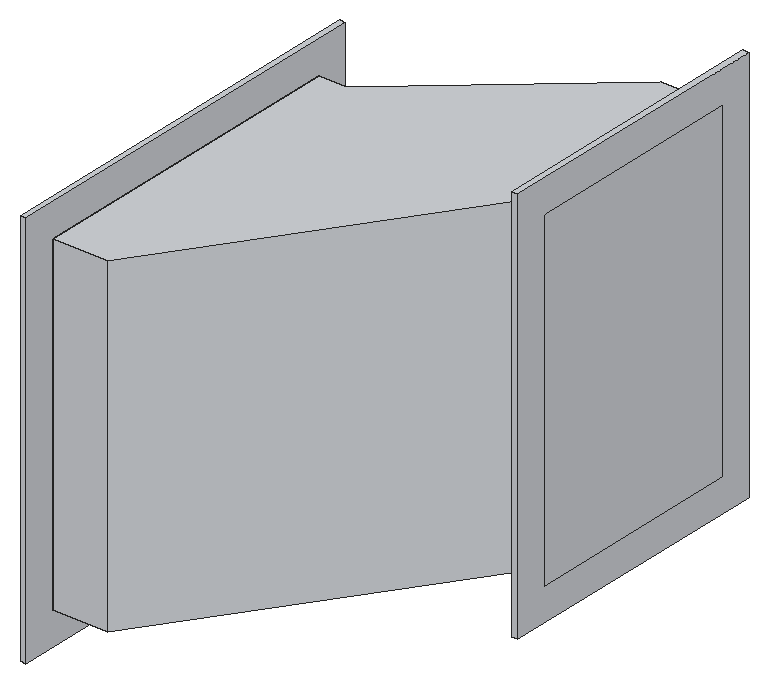
Revit family "RE Etage ES - Flansch", category Luftkanalformteile, Revit 2014
Parameters (values of type "Allgemein")
  x1 [instance] = if(e1 > 0 mm, x, x * 2)  # 25 mm
  x [instance] = if(l1 > 150 mm, 25 mm, l1 / 6)  # 25 mm
  t2 [instance] = (-(l1 - 2 * x) + sqrt(abs((l1 - 2 * x) * (l1 - 2 * x) + e1 * e1 - 2 * e1 * (b))))  # 28.101 mm
  t1 [instance] = e1 - 2 * b  # -356.14 mm
  l1 [instance] = if(not(l = 0 mm), l, abs(0.9222 * Max. abd - 32.8 mm))  # 243.86 mm
  l [instance] = 0 mm
  e1 [instance] = if(not(e = 0 mm), e, abs(0.9222 * Max. abd - 32.8 mm))  # 243.86 mm
  e [instance] = 0 mm
  d [instance] = 200 mm
  c [instance] = a  # 300 mm
  b [instance] = 300 mm
  alpha [instance] = if(not((e1 - 2 * (Max. bd)) = 0 mm), atan((-(l1 - 2 * x) + sqrt(abs((l1 - 2 * x) * (l1 - 2 * x) + e1 * e1 - 2 * e1 * (Max. bd)))) / (e1 - 2 * (Max. bd))), 45.00°)  # -4.51151°
  a2 [instance] = atan((-(l1 - 2 * x) + sqrt(abs((l1 - 2 * x) * (l1 - 2 * x) + e1 * e1 - 2 * e1 * (Max. bd)))) / (e1 - 2 * (Max. bd)))  # -4.51151°
  a [instance] = 300 mm
  RLT_DIN_l [instance] = l  # 0 mm
  RLT_DIN_e [instance] = e  # 0 mm
  RLT_DIN_d [instance] = d  # 200 mm
  RLT_DIN_c [instance] = c  # 300 mm
  RLT_DIN_b [instance] = b  # 300 mm
  RLT_DIN_a [instance] = a  # 300 mm
  RLT_DIN_KZ = "ES"
  Max. bd [instance] = if(b > d, b, d)  # 300 mm
  Max. abd [instance] = if(Max. ab > Max. bd, Max. ab, Max. bd)  # 300 mm
  Max. ab [instance] = if(a > b, a, b)  # 300 mm
  Länge 3 [instance] = if(alpha > 0.00°, b * tan(alpha) * 2, if(e1 > 0 mm, x * 2, x))  # 50 mm
  Länge 2 [instance] = if(e1 > 0 mm, Länge 1 + e1 + d * 0.5 - b * 0.5, Länge 1 + e1 + b * 0.5 - d * 0.5)  # 5193.86 mm
  Länge 1 [instance] = 5000 mm  # constant formula
  Flansch d [instance] = d + Flanschverlängerung * 2  # 260 mm
  Flansch b [instance] = b + Flanschverlängerung * 2  # 360 mm
  Flansch a [instance] = a + Flanschverlängerung * 2  # 360 mm
  Flanschstärke [instance] = 5 mm
  Flanschverlängerung [instance] = 30 mm
Reference planes
  plane 1 "Mitte (vorne/hinten)": y = 0
  plane 2: z = 0
  plane 3 "Mitte (links/rechts)": x = 0
  plane 4: x = 30
  plane 5: x = 223.86
  plane 6: x = 248.86
  plane 7: y = -5000
  plane 8: y = 150
  plane 9: y = -150
  plane 10: y = 193.86
  plane 11: y = 293.86
  plane 12: y = 93.86
  plane 13: x = 55
  plane 14: x = 198.86
  plane 15: x = 5
  plane 16: z = 150
  plane 17: z = -150
  plane 18: x = 253.86
  plane 19: y = 180
  plane 20: y = -180
  plane 21: y = 323.86
  plane 22: y = 63.86
Forms (mm)
  Extrusion 1, solid, detail levels medium+fine
    sketch origin (528.641, 0, 0) x (1, 0, 0) y (0, 1, 0)
      loop
        line (-523.641, 150) -> (-523.641, -150) -> (-473.641, -150) -> (-304.781, 93.86) -> (-279.781, 93.86) -> (-279.781, 293.86) -> (-329.781, 293.86) -> (-498.641, 150) -> (-523.641, 150)
    from -150 to 150
  Sweep 2, solid, detail levels medium+fine
    path in 3D
      loop
        line (0, 0, 0) -> (5, 0, 0)
    profile "Luftkanal - rechteckig : Luftkanal - rechteckig 1" origin (2.5, 0, 0) x (0, 1, 0) y (0, 0, 1)
      loop
        line (-150, 150) -> (-150, -150) -> (150, -150) -> (150, 150) -> (-150, 150)
  Sweep 3, solid, detail levels medium+fine
    path in 3D
      loop
        line (248.86, 193.86, 0) -> (253.86, 193.86, 0)
    profile "Luftkanal - rechteckig : Luftkanal - rechteckig 2" origin (251.36, 193.86, 0) x (0, 1, 0) y (0, 0, 1)
      loop
        line (-100, 150) -> (-100, -150) -> (100, -150) -> (100, 150) -> (-100, 150)
  Sweep 4, solid, detail levels fine
    path in 3D
      loop
        line (0, 0, 0) -> (5, 0, 0)
    profile "Luftkanal - rechteckig : Luftkanal - Flansch 1" origin (2.5, 0, 0) x (0, 1, 0) y (0, 0, 1)
      loop
        line (-180, 180) -> (-180, -180) -> (180, -180) -> (180, 180) -> (-180, 180)
  Sweep 5, solid, detail levels fine
    path in 3D
      loop
        line (248.86, 193.86, 0) -> (253.86, 193.86, 0)
    profile "Luftkanal - rechteckig : Luftkanal - Flansch 2" origin (251.36, 193.86, 0) x (0, 1, 0) y (0, 0, 1)
      loop
        line (-130, 180) -> (-130, -180) -> (130, -180) -> (130, 180) -> (-130, 180)
Lines and regions (mm)
  reference lines
    curve 1: line (0, 0, 0) -> (5, 0, 0)
    curve 2: line (248.86, 193.86, 0) -> (253.86, 193.86, 0)
  model lines, detail levels coarse
    curve 3: line (0, 0, 0) -> (5, 0, 0)
    curve 4: line (248.86, 193.86, 0) -> (253.86, 193.86, 0)
    curve 9: line (0, 180, 0) -> (0, -180, 0)
    curve 10: line (253.86, 323.86, 0) -> (253.86, 63.86, 0)
    curve 11: line (30, 0, 0) -> (223.86, 193.86, 0)
    curve 12: line (223.86, 193.86, 0) -> (248.86, 193.86, 0)
    curve 13: line (5, 0, 0) -> (30, 0, 0)
  sketch lines
    curve 5: line (0, 0, 0) -> (5, 0, 0)
    curve 6: line (248.86, 193.86, 0) -> (253.86, 193.86, 0)
    curve 7: line (0, 0, 0) -> (5, 0, 0)
    curve 8: line (248.86, 193.86, 0) -> (253.86, 193.86, 0)
Dimensions and locks
  "x1": plane 5 to plane 6
  equal spacing: plane 8, plane 1 "Mitte (vorne/hinten)", plane 9
  "b": plane 8 to plane 9
  equal spacing: plane 11, plane 10, plane 12
  "d": plane 11 to plane 12
  "Flanschstärke": plane 3 "Mitte (links/rechts)" to plane 15
  "x1": plane 15 to plane 4
  "l1": plane 15 to plane 6
  equal spacing: plane 16, plane 2, plane 17
  "a": plane 16 to plane 17
  "Flanschstärke": plane 6 to plane 18
  equal spacing: plane 19, plane 1 "Mitte (vorne/hinten)", plane 20
  "Flansch b": plane 19 to plane 20
  equal spacing: plane 21, plane 10, plane 22
  "Flansch d": plane 21 to plane 22
  "Länge 1": plane 7 to plane 1 "Mitte (vorne/hinten)"
  "Länge 2": plane 10 to plane 7
  "Länge 3": plane 15 to plane 13
  "Länge 3": plane 14 to plane 6
  aligned and locked: Extrusion 1 sketch curve to plane 8
  aligned and locked: Extrusion 1 sketch curve to plane 15
  aligned and locked: plane 13 to Extrusion 1 sketch curve
  aligned and locked: plane 15 to Extrusion 1 sketch curve
  aligned and locked: Extrusion 1 sketch curve to plane 9
  aligned and locked: plane 6 to Extrusion 1 sketch curve
  aligned and locked: Extrusion 1 sketch curve to plane 12
  aligned and locked: Extrusion 1 sketch curve to plane 11
  aligned and locked: plane 12 to Extrusion 1 sketch curve
  aligned and locked: plane 11 to Extrusion 1 sketch curve
  aligned and locked: Extrusion 1 sketch curve to plane 6
  aligned and locked: plane 4 to Extrusion 1 sketch curve
  aligned and locked: plane 8 to Extrusion 1 sketch curve
  aligned and locked: plane 14 to Extrusion 1 sketch curve
  aligned and locked: plane 9 to Extrusion 1 sketch curve
  aligned and locked: plane 5 to Extrusion 1 sketch curve
  aligned and locked: Extrusion 1 to plane 17
  aligned and locked: plane 16 to Extrusion 1
  aligned and locked: plane 15 to curve 1
  aligned and locked: plane 3 "Mitte (links/rechts)" to curve 1
  aligned and locked: plane 1 "Mitte (vorne/hinten)" to curve 1
  aligned and locked: plane 18 to curve 2
  aligned and locked: plane 6 to curve 2
  aligned and locked: curve 2 to plane 10
  aligned and locked: plane 3 "Mitte (links/rechts)" to curve 3
  aligned and locked: plane 18 to curve 4
  aligned and locked: curve 4 to plane 10
  aligned and locked: plane 19 to curve 9
  aligned and locked: plane 20 to curve 9
  aligned and locked: curve 9 to plane 3 "Mitte (links/rechts)"
  aligned and locked: plane 22 to curve 10
  aligned and locked: plane 21 to curve 10
  aligned and locked: curve 10 to plane 18
  aligned and locked: plane 4 to curve 11
  aligned and locked: plane 1 "Mitte (vorne/hinten)" to curve 11
  aligned and locked: plane 6 to curve 12
  aligned and locked: plane 5 to curve 12
  aligned and locked: plane 15 to curve 13
  aligned and locked: plane 1 "Mitte (vorne/hinten)" to curve 13
Connectors
  hvac at (0, 0, 0), driven by "a", driven by "b"
    settings: on Sweep 2, index 1, duct flow 0.0 L/s, flow factor 0, pres drop 0.0 Pa, loss coef 0, conn angle 0.00°, conn width 300 mm, conn height 300 mm, conn diameter 609.6 mm, duct sys type 28, conn prof type 1, flow config 0, flow direction 0, loss method 0, conn ref index 2, conn util no, is conn primary yes, conn desc ""
  hvac at (253.86, 193.86, 0), driven by "a", driven by "d"
    settings: on Sweep 3, index 2, duct flow 0.0 L/s, flow factor 0, pres drop 0.0 Pa, loss coef 0, conn angle 0.00°, conn width 200 mm, conn height 300 mm, conn diameter 609.6 mm, duct sys type 28, conn prof type 1, flow config 0, flow direction 0, loss method 0, conn ref index 1, conn util no, is conn primary no, conn desc ""
